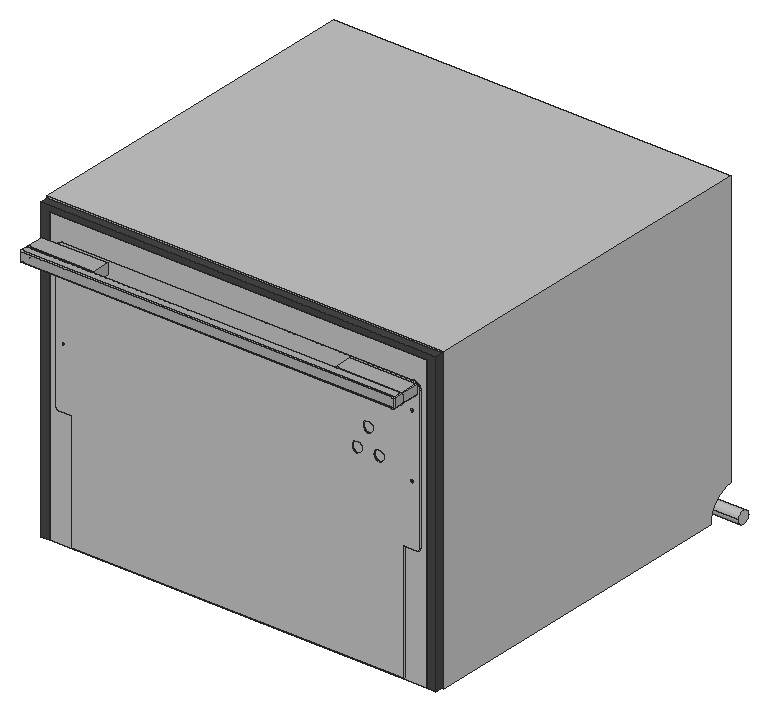
Revit family "FP-Revit20-DD60STX6HI1_CN-DishDrawer-0-CN90003898A", category Specialty Equipment, Revit 2020
Family settings
  Round Connector Dimension = Use Diameter
  Part Type = Normal
  OmniClass Number = 23.40.40.14.31
  OmniClass Title = Cleaning and Disposal Equipment
  Work Plane-Based = No
  Always vertical = Yes
  Cut with Voids When Loaded = Yes
  Shared = No
  Room Calculation Point = No
Parameters (values of type "DD60STX6HI1_CN")
  Visibility - Door Panel = no
  Visibility - Clearance Required = yes
  URL = "www.fisherpaykel.com"
  Product - Width = 599 mm  # constant formula
  Product - Height = 454 mm  # constant formula
  Product - Depth = 571 mm  # constant formula
  Panel - Depth [instance] = 18 mm
  Model = "DD60STX6HI1_CN"
  Material - Trim = Fisher & Paykel - Black
  Material - Front = Fisher & Paykel - Stainless Steel
  Material - Body = Fisher & Paykel - Grey
  Manufacturer = "Fisher & Paykel Appliances"
  FFL Offset [instance] = 406 mm
  Description = "60cm DishDrawer, Integrated"
  Default Elevation = 0 mm
  Connector Description - Water = "3/4” BSP (GB20) to suit flat washer"
  Connector Description - Venting = "Vent Ducting Kit Provided, refer to instalation guide"
  Connector Description - Sanitary = "Drain Hose, No Fitting Required"
  Connector Description - Electrical = "220-240 V, 50 Hz, min 8.5 A, fused electrical supply"
  Chassis - Depth = 553 mm  # constant formula
  Cavity - Width = 600 mm  # constant formula
  Cavity - Depth (excluding front panel) = 560 mm  # constant formula
Reference planes
  plane 1 "Datum": y = 0
  plane 2: z = 0
  plane 3 "Center (Left/Right)": x = 0
  plane 4: z = 0
  plane 5 "Product LHS": x = -299.5
  plane 6 "Product RHS": x = 299.5
  plane 7 "Product - Depth": y = 553
  plane 8 "Cavity LHS": x = -300
  plane 9 "Cavity RHS": x = 300
  plane 10 "Cavity - Depth": y = 560
  plane 11 "FFL Offset": z = 406
  plane 12 "Product - Height": z = 860
  plane 13 "Cavity - Height": z = 862
  plane 14 "18mm Door Panel Front": y = -18
Forms (mm)
  Extrusion 1, solid, material "Fisher & Paykel - Grey" <- "Material - Body"
    sketch origin (0, 0, 0) x (0, 1, 0) y (0, 0, 1)
      loop
        line (12.5, 860) -> (12.5, 406) -> (510.35, 406) -> (510.35, 450.298) -> (553, 450.298) -> (553, 860) -> (12.5, 860)
    from -299.5 to 299.5
  Extrusion 2, solid, material "Fisher & Paykel - Grey" <- "Material - Body", detail levels fine
    sketch origin (0, 0, 0) x (1, 0, 0) y (0, 0, 1)
      loop
        line (-274, 805.176) -> (-274, 591.952)
        arc (-274, 591.952) -> (-272.536, 588.416) -> (-269, 586.952) r 5
        line (-269, 586.952) -> (-250, 586.952) -> (-250, 408.926) -> (250, 408.926) -> (250, 586.952) -> (269, 586.952)
        arc (269, 586.952) -> (272.536, 588.416) -> (274, 591.952) r 5
        line (274, 591.952) -> (274, 805.176)
        arc (274, 805.176) -> (271.071, 812.247) -> (264, 815.176) r 10
        line (264, 815.176) -> (-264, 815.176)
        arc (-264, 815.176) -> (-271.071, 812.247) -> (-274, 805.176) r 10
      loop
        circle (262.5, 774.452) r 1.941
      loop
        circle (262.5, 678.952) r 2
      loop
        circle (-262.5, 774.452) r 1.941
      loop
        circle (-262.5, 678.952) r 2
      loop
        circle (196.5, 728.952) r 8
      loop
        circle (213, 695.952) r 8
      loop
        circle (180, 695.952) r 8
    from 0 to 0.8
  Extrusion 3, solid, material "Fisher & Paykel - Black" <- "Material - Trim"
    sketch origin (0, 0, 0) x (1, 0, 0) y (0, 0, 1)
      loop
        line (-297.5, 858.541) -> (-297.5, 407) -> (-283.999, 407) -> (-283.999, 850) -> (284, 850) -> (284, 407) -> (297.5, 407) -> (297.5, 858.541) -> (-297.5, 858.541)
    from -12.5 to 0
  Sweep 4, solid, material "Fisher & Paykel - Grey" <- "Material - Body", detail levels medium+fine
    path origin (0, 537.938, 5) x (1, 0, 0) y (0, 0, 1)
      loop
        line (-134.5, 445.298) -> (-134.5, 432.132)
        arc (-134.5, 432.132) -> (-140.358, 417.989) -> (-154.5, 412.132) r 20
        line (-154.5, 412.132) -> (-349.5, 412.132)
    profile origin (-134.5, 537.938, 443.715) x (0, -1, 0) y (1, 0, 0)
      loop
        circle (0, 0) r 9
  Sweep 5, solid, material "Fisher & Paykel - Grey" <- "Material - Body", detail levels medium+fine
    path origin (0, 0, 0) x (1, 0, 0) y (0, 0, 1)
      loop
        line (-349.186, 414.851) -> (-218.186, 414.851)
        arc (-218.186, 414.851) -> (-204.044, 420.709) -> (-198.186, 434.851) r 20
        line (-198.186, 434.851) -> (-198.186, 450.298)
    profile origin (-198.186, 0, 442.575) x (-1, 0, 0) y (0, -1, 0)
      loop
        circle (0, -524.105) r 5
  Extrusion 6, solid, material "Fisher & Paykel - Clearance Required", visible <- "Visibility - Clearance Required", detail levels coarse
    sketch origin (0, 0, 0) x (0, 1, 0) y (0, 0, 1)
      loop
        line (-18, 406) -> (-18, 860) -> (-545, 860) -> (-545, 790.98) -> (-586, 790.98) -> (-586, 774.977) -> (-545, 774.977) -> (-545, 406) -> (-18, 406)
    from -300 to 300
  Extrusion 7, solid, material "Fisher & Paykel - Clearance Required", visible <- "Visibility - Clearance Required", detail levels coarse
    sketch origin (0, 0, 0) x (1, 0, 0) y (0, 1, 0)
      loop
        line (300, 560) -> (-300, 560) -> (-300, -18) -> (300, -18) -> (300, 560)
    from 406 to 862
  Extrusion 8, solid, material "Fisher & Paykel - Grey" <- "Material - Body"
    sketch origin (0, 0, 0) x (1, 0, 0) y (0, 0, 1)
      loop
        line (-283.999, 850) -> (-283.999, 407) -> (284, 407) -> (284, 850) -> (-283.999, 850)
    from -12.5 to 0
  Extrusion 9, solid, material "Fisher & Paykel - Grey" <- "Material - Body", detail levels fine
    sketch origin (0, 0, 0) x (0, 1, 0) y (0, 0, 1)
      loop
        arc (545.956, 440.845) -> (549.529, 442.356) -> (550.933, 445.972) r 4.979
        line (550.933, 445.972) -> (550.933, 450.298) -> (510.35, 450.298) -> (510.35, 422.689) -> (530.184, 440.845) -> (545.956, 440.845)
    from -229.8 to -91.607
  Sweep 10, solid, material "Fisher & Paykel - Grey" <- "Material - Body", detail levels medium+fine
    path origin (0, 0, 0) x (1, 0, 0) y (0, 1, 0)
      loop
        line (-47.875, 510.35) -> (-47.875, 529.222)
        arc (-47.875, 529.222) -> (-52.269, 539.828) -> (-62.875, 544.222) r 15
        line (-62.875, 544.222) -> (-349.5, 544.222)
    profile origin (-47.875, 519.786, 0) x (-1, 0, 0) y (0, 0, 1)
      loop
        circle (0, 430.3) r 5
  Extrusion 11, solid, material "Fisher & Paykel - Grey" <- "Material - Body"
    sketch origin (0, 0, 0) x (0, 1, 0) y (0, 0, 1)
      loop
        line (510.35, 450.298) -> (510.35, 406) -> (514.35, 406)
        arc (514.35, 406) -> (525.48, 434.009) -> (553, 446.298) r 40
        line (553, 446.298) -> (553, 450.298) -> (510.35, 450.298)
    from 288.5 to 299.5
  Extrusion 12, solid, material "Fisher & Paykel - Grey" <- "Material - Body"
    sketch origin (0, 0, 0) x (0, 1, 0) y (0, 0, -1)
      loop
        line (510.35, -450.298) -> (553, -450.298) -> (553, -446.298)
        arc (553, -446.298) -> (525.48, -434.009) -> (514.35, -406) r 40
        line (514.35, -406) -> (510.35, -406) -> (510.35, -450.298)
    from 288.5 to 299.5
  Extrusion 13, solid, material "Fisher & Paykel - Stainless Steel" <- "Material - Front", visible <- "Visibility - Door Panel", detail levels fine
    sketch origin (0, 0, -1.893) x (1, 0, 0) y (0, 0, 1)
      loop
        line (-298, 861.893) -> (-298, 409.893) -> (298, 409.893) -> (298, 861.893) -> (-298, 861.893)
    from 0.8 to 18
  Extrusion 14, void
    sketch origin (0, 0, 0) x (1, 0, 0) y (0, 1, 0)
      loop
        line (300, 560) -> (-300, 560) -> (-300, -18) -> (300, -18) -> (300, 560)
    from 406 to 862
  Sweep 15, solid, material "Fisher & Paykel - Grey" <- "Material - Body", detail levels medium+fine
    path origin (0, 537.938, 5) x (1, 0, 0) y (0, 0, 1)
      loop
        line (200, 445.298) -> (200, 432.132)
        arc (200, 432.132) -> (205.858, 417.989) -> (220, 412.132) r 20
        line (220, 412.132) -> (330, 412.132)
    profile origin (200, 537.938, 443.715) x (0, -1, 0) y (1, 0, 0)
      loop
        circle (0, 0) r 9
Cuts and joins
  joined: Extrusion 1, Extrusion 11, Extrusion 12
Text (mm)
  text "Due to ongoing product development, product details are subject to change without notice. \nPlease always refer to www.fisherpaykel.com for the most current product information. \n© Fisher & Paykel 2020" at (41.04, -690.05, 0), in view "Ref. Level (Plan)"
Dimensions and locks
  equal spacing: plane 5 "Product LHS", plane 3 "Center (Left/Right)", plane 6 "Product RHS"
  "Product - Width": plane 5 "Product LHS" to plane 6 "Product RHS"
  "Chassis - Depth": plane 1 "Datum" to plane 7 "Product - Depth"
  equal spacing: plane 8 "Cavity LHS", plane 3 "Center (Left/Right)", plane 9 "Cavity RHS"
  "Cavity - Width": plane 8 "Cavity LHS" to plane 9 "Cavity RHS"
  Extrusion 1 sketch curve to Extrusion 1 sketch curve = 454 mm
  Extrusion 2 sketch curve to plane 11 "FFL Offset" = 180.952 mm
  plane 12 "Product - Height" to Extrusion 2 sketch curve = 44.824 mm
  locked: plane 13 "Cavity - Height" to plane 12 "Product - Height" at 2
  "Panel - Depth": plane 14 "18mm Door Panel Front" to plane 1 "Datum"
  locked: plane 11 "FFL Offset" to Sweep 10 sketch curve at 24.3
  equal spacing: Extrusion 13 sketch curve, plane 3 "Center (Left/Right)", Extrusion 13 sketch curve
  locked: Extrusion 13 sketch curve to Extrusion 13 sketch curve at 596
  "Product - Height": plane 11 "FFL Offset" to plane 12 "Product - Height"
  locked: Extrusion 6 to Extrusion 8 at 1
  "FFL Offset": level to plane 11 "FFL Offset"
  locked: plane 11 "FFL Offset" to Extrusion 13 at 2
  "Cavity - Depth (excluding front panel)": plane 1 "Datum" to plane 10 "Cavity - Depth"
  locked: Extrusion 6 to plane 14 "18mm Door Panel Front" at 527
  nested 1 to Extrusion 14 = 418.208 mm
  aligned and locked: level to plane 2
  aligned and locked: plane 12 "Product - Height" to Extrusion 1
  aligned and locked: Extrusion 6 to plane 9 "Cavity RHS"
  aligned and locked: plane 8 "Cavity LHS" to Extrusion 6
  aligned and locked: Extrusion 7 sketch curve to plane 8 "Cavity LHS"
  aligned and locked: Extrusion 7 sketch curve to plane 9 "Cavity RHS"
  aligned and locked: plane 10 "Cavity - Depth" to Extrusion 7 sketch curve
  aligned and locked: Extrusion 6 sketch curve to plane 11 "FFL Offset"
  aligned and locked: Extrusion 1 sketch curve to plane 11 "FFL Offset"
  aligned and locked: Extrusion 3 to Extrusion 8  (x2)
  aligned and locked: cut or joined group of Extrusion 1, Extrusion 11, Extrusion 12 to Sweep 4 sketch curve
  aligned and locked: plane 14 "18mm Door Panel Front" to Extrusion 13
  aligned and locked: Extrusion 6 to plane 14 "18mm Door Panel Front"
  aligned and locked: Extrusion 7 to Extrusion 6
  aligned and locked: plane 10 "Cavity - Depth" to Extrusion 14
  aligned and locked: Extrusion 14 to Extrusion 6
  aligned and locked: plane 13 "Cavity - Height" to Extrusion 7
  aligned and locked: plane 11 "FFL Offset" to Extrusion 7
  aligned and locked: Extrusion 14 to Extrusion 7
  aligned and locked: plane 11 "FFL Offset" to Extrusion 14
  aligned and locked: Extrusion 13 to Extrusion 6
  aligned and locked: plane 12 "Product - Height" to Extrusion 13
  aligned and locked: plane 14 "18mm Door Panel Front" to nested 1
  aligned and locked: plane 3 "Center (Left/Right)" to nested 1
Automatic sketch dimensions
  Extrusion 1 sketch curve to plane 7 "Product - Depth" = 0 mm
  Extrusion 1 sketch curve to plane 7 "Product - Depth" = 42.65 mm
  Extrusion 1 sketch curve to plane 1 "Datum" = 12.5 mm
  Extrusion 1 sketch curve to plane 11 "FFL Offset" = 44.298 mm
  Extrusion 2 sketch curve to plane 5 "Product LHS" = 25.5 mm
  Extrusion 2 sketch curve to Extrusion 2 sketch curve = 5 mm
  Extrusion 2 sketch curve to Extrusion 2 sketch curve = 10 mm  (x2)
  Extrusion 2 sketch curve to Extrusion 2 sketch curve = 1.5 mm  (x2)
  Extrusion 2 sketch curve to plane 5 "Product LHS" = 37 mm
  Extrusion 2 sketch curve to Extrusion 2 sketch curve = 19 mm  (x2)
  plane 6 "Product RHS" to Extrusion 2 sketch curve = 119.5 mm
  Extrusion 2 sketch curve to Extrusion 2 sketch curve = 16.5 mm
  Extrusion 2 sketch curve to Extrusion 2 sketch curve = 33 mm  (x2)
  plane 6 "Product RHS" to Extrusion 2 sketch curve = 49.5 mm
  plane 6 "Product RHS" to Extrusion 2 sketch curve = 37 mm  (x2)
  Extrusion 2 sketch curve to plane 11 "FFL Offset" = 2.926 mm
  Extrusion 2 sketch curve to Extrusion 2 sketch curve = 178.026 mm
  Extrusion 2 sketch curve to Extrusion 2 sketch curve = 87 mm  (x2)
  Extrusion 2 sketch curve to Extrusion 2 sketch curve = 17 mm
  Extrusion 2 sketch curve to Extrusion 2 sketch curve = 0 mm
  Extrusion 2 sketch curve to Extrusion 2 sketch curve = 30.724 mm  (x2)
  Extrusion 3 sketch curve to plane 5 "Product LHS" = 2 mm
  Extrusion 3 sketch curve to plane 5 "Product LHS" = 15.501 mm
  plane 6 "Product RHS" to Extrusion 3 sketch curve = 15.5 mm
  plane 6 "Product RHS" to Extrusion 3 sketch curve = 2 mm
  Extrusion 3 sketch curve to plane 11 "FFL Offset" = 1 mm  (x2)
  Extrusion 3 sketch curve to plane 12 "Product - Height" = 10 mm
  Extrusion 3 sketch curve to plane 12 "Product - Height" = 1.459 mm
  Sweep 4 sketch curve to plane 11 "FFL Offset" = 11.132 mm
  Sweep 4 sketch curve to plane 5 "Product LHS" = 145 mm
  Sweep 4 sketch curve to Sweep 4 sketch curve = 20 mm
  plane 8 "Cavity LHS" to Sweep 4 sketch curve = 49.5 mm
  Sweep 4 sketch curve to profile plane = 0 mm
  profile plane to Sweep 4 sketch curve = 0 mm
  Sweep 5 sketch curve to plane 11 "FFL Offset" = 8.851 mm
  Sweep 5 sketch curve to plane 5 "Product LHS" = 81.314 mm
  Sweep 5 sketch curve to Sweep 5 sketch curve = 20 mm
  plane 8 "Cavity LHS" to Sweep 5 sketch curve = 49.186 mm
  Sweep 5 sketch curve to Sweep 5 sketch curve = 15.447 mm
  Sweep 5 sketch curve to profile plane = 0 mm
  Sweep 5 sketch curve to plane 1 "Datum" = 524.105 mm
  Extrusion 6 sketch curve to plane 14 "18mm Door Panel Front" = 0 mm
  Extrusion 6 sketch curve to plane 12 "Product - Height" = 0 mm
  Extrusion 6 sketch curve to Extrusion 6 sketch curve = 527 mm
  Extrusion 6 sketch curve to Extrusion 6 sketch curve = 0 mm
  Extrusion 6 sketch curve to Extrusion 6 sketch curve = 41 mm
  Extrusion 6 sketch curve to Extrusion 6 sketch curve = 85.023 mm
  Extrusion 6 sketch curve to Extrusion 6 sketch curve = 16.003 mm
  plane 14 "18mm Door Panel Front" to Extrusion 7 sketch curve = 0 mm
  Extrusion 8 sketch curve to plane 11 "FFL Offset" = 1 mm
  Extrusion 8 sketch curve to plane 5 "Product LHS" = 15.501 mm
  plane 6 "Product RHS" to Extrusion 8 sketch curve = 15.5 mm
  Extrusion 8 sketch curve to plane 12 "Product - Height" = 10 mm
  Extrusion 9 sketch curve to plane 7 "Product - Depth" = 42.65 mm
  Extrusion 9 sketch curve to Extrusion 9 sketch curve = 19.834 mm
  Extrusion 9 sketch curve to plane 7 "Product - Depth" = 7.044 mm
  Extrusion 9 sketch curve to plane 7 "Product - Depth" = 2.067 mm
  Extrusion 9 sketch curve to plane 11 "FFL Offset" = 16.689 mm
  Extrusion 9 sketch curve to Extrusion 9 sketch curve = 18.156 mm
  Extrusion 9 sketch curve to Extrusion 9 sketch curve = 4.979 mm
  Extrusion 9 sketch curve to Extrusion 9 sketch curve = 4.326 mm
  Sweep 10 sketch curve to plane 7 "Product - Depth" = 8.778 mm
  Sweep 10 sketch curve to plane 3 "Center (Left/Right)" = 62.875 mm
  Sweep 10 sketch curve to Sweep 10 sketch curve = 15 mm
  plane 8 "Cavity LHS" to Sweep 10 sketch curve = 49.5 mm
  Sweep 10 sketch curve to Sweep 10 sketch curve = 18.872 mm
  Sweep 10 sketch curve to profile plane = 0 mm
  plane 11 "FFL Offset" to Extrusion 11 sketch curve = 0 mm
  Extrusion 11 sketch curve to plane 7 "Product - Depth" = 0 mm
  Extrusion 11 sketch curve to plane 7 "Product - Depth" = 38.65 mm
  Extrusion 11 sketch curve to Extrusion 11 sketch curve = 42.65 mm
  Extrusion 11 sketch curve to plane 11 "FFL Offset" = 0.321 mm
  plane 7 "Product - Depth" to Extrusion 11 sketch curve = 1.349 mm
  Extrusion 11 sketch curve to Extrusion 11 sketch curve = 4 mm
  plane 11 "FFL Offset" to Extrusion 12 sketch curve = 0 mm
  Extrusion 12 sketch curve to plane 7 "Product - Depth" = 0 mm
  Extrusion 12 sketch curve to plane 7 "Product - Depth" = 38.65 mm
  Extrusion 12 sketch curve to plane 7 "Product - Depth" = 42.65 mm
  Extrusion 12 sketch curve to plane 11 "FFL Offset" = 0.321 mm
  plane 7 "Product - Depth" to Extrusion 12 sketch curve = 1.349 mm
  Extrusion 12 sketch curve to Extrusion 12 sketch curve = 4 mm
  Extrusion 13 sketch curve to plane 11 "FFL Offset" = 2 mm
  Extrusion 13 sketch curve to plane 12 "Product - Height" = 0 mm
  Extrusion 14 sketch curve to plane 8 "Cavity LHS" = 0 mm
  Extrusion 14 sketch curve to plane 9 "Cavity RHS" = 0 mm
  plane 14 "18mm Door Panel Front" to Extrusion 14 sketch curve = 0 mm
  Extrusion 14 sketch curve to plane 10 "Cavity - Depth" = 0 mm
  Sweep 15 sketch curve to profile plane = 0 mm
  profile plane to Sweep 15 sketch curve = 0 mm
  Sweep 15 sketch curve to plane 11 "FFL Offset" = 31.132 mm
  plane 6 "Product RHS" to Sweep 15 sketch curve = 99.5 mm
  Sweep 15 sketch curve to Sweep 15 sketch curve = 20 mm
  Sweep 15 sketch curve to plane 9 "Cavity RHS" = 30 mm
  Sweep 15 sketch curve to Sweep 15 sketch curve = 13.167 mm
  radius of Extrusion 2 sketch curve = 1.941 mm  (x2)
  radius of Extrusion 2 sketch curve = 2 mm  (x2)
  radius of Extrusion 2 sketch curve = 8 mm  (x3)
  radius of Sweep 4 sketch curve = 9 mm
  radius of Sweep 5 sketch curve = 5 mm
  radius of Sweep 10 sketch curve = 5 mm
  radius of Sweep 15 sketch curve = 9 mm
Nested families
  nested 1: "F&P Handle Contemporary Square - Horizontal" at (0, -18, 816.23), type "565mm"
Connectors
  piping at (-349.186, 524.105, 414.851), diameter 10, driven by "Connector Description - Water"
    settings: on Sweep 5, index 2, connector inside diameter 609.6 mm, connector length 0 mm, flow factor 0, pipe flow 0.0 L/s, pressure drop 0.0 Pa, fitting loss kfactor 0, connector angle 0.00°, fixture units 0, engagement length 0 mm, angle of deflection 0.00°, flow configuration 0, flow direction 1, fitting loss method 0, system type 20, joint type 0, gender type 0, connector reference index -1, connector utility 0, adjustable connector no, is connector primary yes, connector description "3/4” BSP (GB20) to suit flat washer"
  piping at (-349.5, 537.938, 417.132), diameter 15.9, driven by "Connector Description - Sanitary"
    settings: on Sweep 4, index 4, connector inside diameter 609.6 mm, connector length 0 mm, flow factor 0, pipe flow 0.0 L/s, pressure drop 0.0 Pa, fitting loss kfactor 0, connector angle 0.00°, fixture units 0, engagement length 0 mm, angle of deflection 0.00°, flow configuration 0, flow direction 2, fitting loss method 0, system type 16, joint type 0, gender type 0, connector reference index -1, connector utility 0, adjustable connector no, is connector primary no, connector description "Drain Hose, No Fitting Required"
  electrical at (-349.5, 544.222, 430.3), driven by "Connector Description - Electrical"
    settings: on Sweep 10, index 5, voltage 230 V, apparent load 0 VA, apparent load phase1 0 VA, apparent load phase2 0 VA, apparent load phase3 0 VA, power factor 1, load classification "Other", number of poles 1, system type 30, power factor state 1, is connector primary yes, connector utility no, sub classification motor no, connector description "220-240 V, 50 Hz, min 8.5 A, fused electrical supply"
  piping at (330, 537.938, 417.132), diameter 17, driven by "Connector Description - Venting"
    settings: on Sweep 15, index 6, connector inside diameter 609.6 mm, connector length 0 mm, flow factor 0, pipe flow 0.0 L/s, pressure drop 0.0 Pa, fitting loss kfactor 0, connector angle 0.00°, fixture units 0, engagement length 0 mm, angle of deflection 0.00°, flow configuration 0, flow direction 2, fitting loss method 0, system type 17, joint type 0, gender type 0, connector reference index -1, connector utility 0, adjustable connector no, is connector primary no, connector description "Vent Ducting Kit Provided, refer to instalation guide"
Definition of nested family "F&P Handle Contemporary Square - Horizontal"
  Parameters (values of type "565mm")
    URL = "www.fisherpaykel.com"
    Material - Handle = none
    Manufacturer = "Fisher & Paykel Appliances"
    Handle - Standoff = 100 mm
    Handle - Length = 565 mm
    Default Elevation = 0 mm
  Reference planes
    plane 1 "Center (Front/Back)": y = 0
    plane 2: z = 0
    plane 3 "Center (Left/Right)": x = 0
    plane 4 "Product LHS": x = -282.5
    plane 5 "Product RHS": x = 282.5
    plane 6 "LHS Standoff": x = -182.5
    plane 7 "RHS Standoff": x = 182.5
  Forms (mm)
    Extrusion 1, solid, material <- "Material - Handle", detail levels fine
      sketch origin (0, 0, 0) x (0, 1, 0) y (0, 0, 1)
        loop
          arc (-27.701, 7.561) -> (-28.057, 7.868) -> (-28.514, 7.978) r 1
          line (-28.514, 7.978) -> (-39.5, 7.978)
          arc (-39.5, 7.978) -> (-40.561, 7.539) -> (-41, 6.478) r 1.5
          line (-41, 6.478) -> (-41, -6.522)
          arc (-41, -6.522) -> (-40.561, -7.583) -> (-39.5, -8.022) r 1.5
          line (-39.5, -8.022) -> (-28.487, -8.022)
          arc (-28.487, -8.022) -> (-28.029, -7.911) -> (-27.673, -7.602) r 1
          arc (-27.673, -7.602) -> (-25.256, -0.016) -> (-27.701, 7.561) r 13.038
      from -282.5 to 282.5
    Extrusion 2, solid, material <- "Material - Handle", detail levels fine
      sketch origin (0, 0, 0) x (0, 1, 0) y (0, 0, 1)
        loop
          arc (-27.23, 7.062) -> (-25.156, 0.008) -> (-27.198, -7.056) r 13.136
          arc (-27.198, -7.056) -> (-27.21, -7.463) -> (-26.86, -7.67) r 0.4
          line (-26.86, -7.67) -> (0, -7.67) -> (0, 7.678) -> (-26.893, 7.678)
          arc (-26.893, 7.678) -> (-27.244, 7.47) -> (-27.23, 7.062) r 0.4
      from 182.5 to 282.5
    Extrusion 3, solid, material <- "Material - Handle", detail levels fine
      sketch origin (0, 0, 0) x (0, 1, 0) y (0, 0, -1)
        loop
          arc (-27.23, -7.062) -> (-27.244, -7.47) -> (-26.893, -7.678) r 0.4
          line (-26.893, -7.678) -> (0, -7.678) -> (0, 7.67) -> (-26.86, 7.67)
          arc (-26.86, 7.67) -> (-27.21, 7.463) -> (-27.198, 7.056) r 0.4
          arc (-27.198, 7.056) -> (-25.156, -0.008) -> (-27.23, -7.062) r 13.136
      from 182.5 to 282.5
    Sweep 4, void
      path in 3D
        loop
          line (282.5, -28.514, 7.978) -> (282.5, -39.5, 7.978)
          arc (282.5, -39.5, 7.978) -> (282.5, -40.561, 7.539) -> (282.5, -41, 6.478) r 1.5
          line (282.5, -41, 6.478) -> (282.5, -41, -6.522)
          arc (282.5, -41, -6.522) -> (282.5, -40.561, -7.583) -> (282.5, -39.5, -8.022) r 1.5
          line (282.5, -39.5, -8.022) -> (282.5, -28.487, -8.022)
      profile origin (282.5, -34.007, 7.978) x (1, 0, 0) y (0, 0, 1)
        loop
          line (0, 0) -> (-1.3, 0) -> (0, -1.3) -> (0, 0)
    Sweep 5, void
      path in 3D
        loop
          line (-282.5, -28.487, -8.022) -> (-282.5, -39.5, -8.022)
          arc (-282.5, -39.5, -8.022) -> (-282.5, -40.561, -7.583) -> (-282.5, -41, -6.522) r 1.5
          line (-282.5, -41, -6.522) -> (-282.5, -41, 6.478)
          arc (-282.5, -41, 6.478) -> (-282.5, -40.561, 7.539) -> (-282.5, -39.5, 7.978) r 1.5
          line (-282.5, -39.5, 7.978) -> (-282.5, -28.514, 7.978)
      profile origin (-282.5, -34.007, 7.978) x (-1, 0, 0) y (0, 0, 1)
        loop
          line (0, 0) -> (-1.3, 0) -> (0, -1.3) -> (0, 0)
    Extrusion 6, void
      sketch origin (0, 0, 0) x (1, 0, 0) y (0, 0, 1)
        loop
          line (282.5, 7.978) -> (281.2, 7.978) -> (282.5, 6.678) -> (282.5, 7.978)
        loop
          line (282.5, -8.022) -> (282.5, -6.722) -> (281.2, -8.022) -> (282.5, -8.022)
      from 0 to 28.514
    Extrusion 7, void
      sketch origin (0, 0, 0) x (1, 0, 0) y (0, 0, 1)
        loop
          line (-282.5, 7.978) -> (-282.5, 6.678) -> (-281.2, 7.978) -> (-282.5, 7.978)
        loop
          line (-282.5, -8.022) -> (-281.2, -8.022) -> (-282.5, -6.722) -> (-282.5, -8.022)
      from 0 to 28.487
    Extrusion 8, solid, material <- "Material - Handle", detail levels coarse+medium
      sketch origin (0, 0, 0) x (1, 0, 0) y (0, 1, 0)
        loop
          line (-282.5, -41) -> (282.5, -41) -> (282.5, 0) -> (182.5, 0) -> (182.5, -26.156) -> (-182.5, -26.156) -> (-182.5, 0) -> (-282.5, 0) -> (-282.5, -41)
      from -8.022 to 7.978
  Cuts and joins
    Sweep 4, Sweep 5, Extrusion 6, Extrusion 7 cuts Extrusion 1
    Extrusion 6 cuts Extrusion 2
    Extrusion 7 cuts Extrusion 3
  Lines and regions (mm)
    sketch lines
      curve 1: line (282.5, -28.514, 7.978) -> (282.5, -39.5, 7.978)
      curve 2: arc (282.5, -41, 6.478) -> (282.5, -40.561, 7.539) -> (282.5, -39.5, 7.978) r 1.5
      curve 3: line (282.5, -41, 6.478) -> (282.5, -41, -6.522)
      curve 4: arc (282.5, -39.5, -8.022) -> (282.5, -40.561, -7.583) -> (282.5, -41, -6.522) r 1.5
      curve 5: line (282.5, -39.5, -8.022) -> (282.5, -28.487, -8.022)
      curve 6: line (-282.5, -39.5, 7.978) -> (-282.5, -28.514, 7.978)
      curve 7: arc (-282.5, -39.5, 7.978) -> (-282.5, -40.561, 7.539) -> (-282.5, -41, 6.478) r 1.5
      curve 8: line (-282.5, -41, -6.522) -> (-282.5, -41, 6.478)
      curve 9: arc (-282.5, -41, -6.522) -> (-282.5, -40.561, -7.583) -> (-282.5, -39.5, -8.022) r 1.5
      curve 10: line (-282.5, -28.487, -8.022) -> (-282.5, -39.5, -8.022)
  Dimensions and locks
    equal spacing: plane 4 "Product LHS", plane 3 "Center (Left/Right)", plane 5 "Product RHS"
    "Handle - Length": plane 4 "Product LHS" to plane 5 "Product RHS"
    "Handle - Standoff": plane 4 "Product LHS" to plane 6 "LHS Standoff"
    "Handle - Standoff": plane 7 "RHS Standoff" to plane 5 "Product RHS"
    Extrusion 8 to plane 1 "Center (Front/Back)" = 41 mm
    aligned and locked: level to plane 2
    aligned and locked: Extrusion 1 to plane 5 "Product RHS"
    aligned and locked: plane 4 "Product LHS" to Extrusion 1
    aligned and locked: Extrusion 2 to plane 5 "Product RHS"
    aligned and locked: plane 4 "Product LHS" to Extrusion 3
    aligned and locked: plane 4 "Product LHS" to Extrusion 8 sketch curve
    aligned and locked: Extrusion 8 sketch curve to plane 5 "Product RHS"
    aligned and locked: Extrusion 8 sketch curve to plane 7 "RHS Standoff"
    aligned and locked: plane 6 "LHS Standoff" to Extrusion 8 sketch curve
    aligned and locked: Extrusion 2 to plane 7 "RHS Standoff"
    aligned and locked: plane 6 "LHS Standoff" to Extrusion 3
  Automatic sketch dimensions
    Extrusion 1 sketch curve to level = 6.522 mm
    plane 1 "Center (Front/Back)" to Extrusion 1 sketch curve = 41 mm
    Extrusion 1 sketch curve to Extrusion 1 sketch curve = 1.5 mm  (x2)
    Extrusion 1 sketch curve to level = 0.04 mm
    Extrusion 1 sketch curve to Extrusion 1 sketch curve = 1.206 mm
    level to Extrusion 1 sketch curve = 6.978 mm
    Extrusion 1 sketch curve to Extrusion 1 sketch curve = 10.986 mm
    Extrusion 1 sketch curve to Extrusion 1 sketch curve = 11.013 mm
    Extrusion 1 sketch curve to Extrusion 1 sketch curve = 1 mm
    level to Extrusion 1 sketch curve = 6.478 mm
    Extrusion 1 sketch curve to Extrusion 1 sketch curve = 0 mm
    Extrusion 2 sketch curve to plane 1 "Center (Front/Back)" = 0 mm
    Extrusion 2 sketch curve to level = 7.67 mm
    Extrusion 2 sketch curve to Extrusion 2 sketch curve = 26.86 mm
    level to Extrusion 2 sketch curve = 7.678 mm
    Extrusion 2 sketch curve to Extrusion 2 sketch curve = 0.033 mm
    Extrusion 2 sketch curve to level = 0.022 mm
    Extrusion 2 sketch curve to Extrusion 2 sketch curve = 11.398 mm
    Extrusion 2 sketch curve to Extrusion 2 sketch curve = 0.4 mm  (x2)
    Extrusion 2 sketch curve to Extrusion 2 sketch curve = 0 mm
    Extrusion 3 sketch curve to plane 1 "Center (Front/Back)" = 0 mm
    Extrusion 3 sketch curve to level = 7.67 mm
    Extrusion 3 sketch curve to Extrusion 3 sketch curve = 26.86 mm
    level to Extrusion 3 sketch curve = 7.678 mm
    Extrusion 3 sketch curve to Extrusion 3 sketch curve = 0.033 mm
    Extrusion 3 sketch curve to level = 0.022 mm
    Extrusion 3 sketch curve to Extrusion 3 sketch curve = 11.398 mm
    Extrusion 3 sketch curve to Extrusion 3 sketch curve = 0.4 mm  (x2)
    Extrusion 3 sketch curve to Extrusion 3 sketch curve = 0 mm
    profile plane to Sweep 4 sketch curve = 0 mm
    Sweep 4 sketch curve to profile plane = 0 mm
    Sweep 4 sketch curve to profile plane = 1.3 mm
    profile plane to Sweep 4 sketch curve = 1.3 mm
    Sweep 5 sketch curve to profile plane = 0 mm  (x2)
    profile plane to Sweep 5 sketch curve = 1.3 mm
    Sweep 5 sketch curve to profile plane = 1.3 mm
    plane 5 "Product RHS" to Extrusion 6 sketch curve = 0 mm  (x2)
    Extrusion 6 sketch curve to Extrusion 6 sketch curve = 1.3 mm  (x4)
    Extrusion 6 sketch curve to level = 6.722 mm
    level to Extrusion 6 sketch curve = 6.678 mm
    plane 4 "Product LHS" to Extrusion 7 sketch curve = 0 mm  (x2)
    Extrusion 7 sketch curve to plane 4 "Product LHS" = 1.3 mm  (x2)
    Extrusion 7 sketch curve to level = 8.022 mm
    level to Extrusion 7 sketch curve = 6.678 mm
    Extrusion 7 sketch curve to Extrusion 7 sketch curve = 1.3 mm  (x2)
    plane 1 "Center (Front/Back)" to Extrusion 8 sketch curve = 0 mm  (x2)
    Extrusion 8 sketch curve to Extrusion 8 sketch curve = 26.156 mm
    Extrusion 8 sketch curve to Extrusion 8 sketch curve = 41 mm
